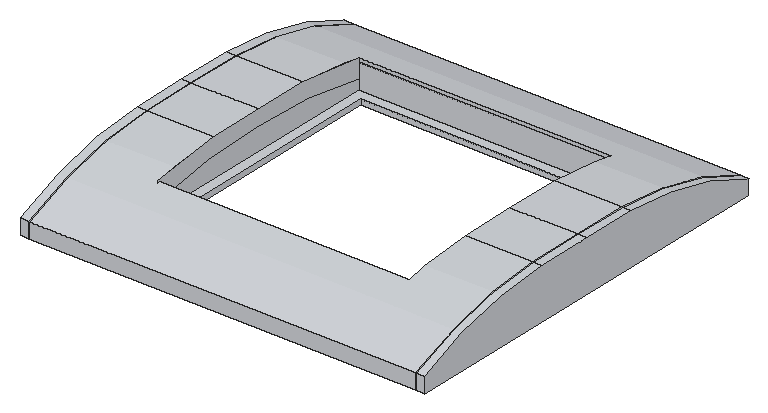
Revit family "Gira_021192", category Electrical Fixtures, host Face, Revit 2017
Family settings
  Host = Face
  Maintain Annotation Orientation = No
  Round Connector Dimension = Use Diameter
  Part Type = Normal
  Cut with Voids When Loaded = No
  Shared = No
  Room Calculation Point = No
Parameters (values of type "Cov.fr. 1-g interm.fr. CAl Gira Event Opaque red")
  With mounting grid = "No"
  With hinged lid = "No"
  URL = "http://katalog.gira.de/en/datenblatt.html?artikelnr=021192"
  Type of fastening = "Clamp mounting"
  Transparent = "No"
  Surface protection = "Other"
  Suitable for wall duct = "No"
  Suitable for flush-mounted installation = "Yes"
  Suitable for floor box = "No"
  Suitable for built-in installation = "No"
  Number of units vertical = "1"
  Number of units horizontal = "1"
  Number of units = "1"
  Name = "Cov.fr. 1-g interm.fr. CAl Gira Event Opaque red"
  Mounting direction = "Horizontal and vertical"
  Material quality = "Thermoplastic"
  Material = "Plastic"
  Manufacturer URL = "https://www.gira.de/"
  Manufacturer = "Gira"
  Label space/information surface = "No"
  Keynote = ""
  HeinzeBIM = "https://bimportal.heinze.de/bim/cov-fr-1-g-interm-fr-cal-gira-event-opaque-red/953ba05082d1d7a572c551c325bbe59664a031f9"
  Halogen free = "Yes"
  HAN = "021192"
  GTIN = "4010337211921"
  Description = "Cov.fr.1g i.fr.CAl EvOp RD,Gira Event Opaque frames,red with colour aluminium intermediate frame,1-gang,Features:,- Shatter-proof."
  Degree of protection (IP) = "IP20"
  Default Elevation = 1219.2 mm
  Data sheet (1) = "https://katalog.gira.de/en/download.html?artikelnr=021192"
  Colour = "Red"
  Category = "Cover frame for domestic switching devices"
  BIM (1) = "https://media.stage.bim.site/public/gira/36a6b08/Event_Rahmen_1fach.rfa"
  Available = "No"
Reference planes
  plane 1 "Center (Front/Back)": y = 0
  plane 2: z = 0
  plane 3 "Center (Left/Right)": x = 0
Forms (mm)
  Extrusion 1, solid, detail levels fine
    sketch origin (0, 0, 1.55) x (0, 1, 0) y (0, 0, 1)
      loop
        arc (12.445, 9.683) -> (6.223, 9.833) -> (0, 9.85) r 291.636
        arc (0, 9.85) -> (-6.223, 9.833) -> (-12.445, 9.683) r 291.636
        arc (-12.445, 9.683) -> (-29.14, 7.482) -> (-45, 1.823) r 79.728
        line (-45, 1.823) -> (-45, -1.55) -> (-41.777, -1.55) -> (-41.777, -0.55)
        arc (-41.777, -0.55) -> (-21.205, 4.846) -> (0, 6.467) r 118.15
        arc (0, 6.467) -> (21.205, 4.846) -> (41.777, -0.55) r 118.15
        line (41.777, -0.55) -> (41.777, -1.55) -> (45, -1.55) -> (45, 1.823)
        arc (45, 1.823) -> (29.14, 7.482) -> (12.445, 9.683) r 79.728
    from -43 to 43
  Extrusion 2, void, detail levels fine
    sketch origin (0, 0, 0) x (1, 0, 0) y (0, 1, 0)
      loop
        line (-28, -28) -> (28, -28) -> (28, 28) -> (-28, 28) -> (-28, -28)
    from 2.85 to 12
  Extrusion 3, solid, detail levels coarse
    sketch origin (0, 0, 0) x (1, 0, 0) y (0, 1, 0)
      loop
        line (-45, 45) -> (-45, -45) -> (45, -45) -> (45, 45) -> (-45, 45)
    from 0 to 11.4
  Extrusion 4, solid, detail levels medium
    sketch origin (0, 0, 1.55) x (0, 1, 0) y (0, 0, 1)
      loop
        arc (12.445, 9.683) -> (6.223, 9.833) -> (0, 9.85) r 291.636
        arc (0, 9.85) -> (-6.223, 9.833) -> (-12.445, 9.683) r 291.636
        arc (-12.445, 9.683) -> (-29.14, 7.482) -> (-45, 1.823) r 79.728
        line (-45, 1.823) -> (-45, -1.55) -> (45, -1.55) -> (45, 1.823)
        arc (45, 1.823) -> (29.14, 7.482) -> (12.445, 9.683) r 79.728
    from -45 to 45
  Extrusion 5, solid, detail levels fine
    sketch origin (0, 0, 0) x (0, 1, 0) y (0, 0, 1)
      loop
        arc (45, 3.373) -> (29.14, 9.032) -> (12.445, 11.233) r 79.728
        arc (12.445, 11.233) -> (6.223, 11.383) -> (0, 11.4) r 291.636
        arc (0, 11.4) -> (-6.223, 11.383) -> (-12.445, 11.233) r 291.636
        arc (-12.445, 11.233) -> (-29.14, 9.032) -> (-45, 3.373) r 79.728
        line (-45, 3.373) -> (-45, 0) -> (45, 0) -> (45, 3.373)
    from 43 to 45
  Extrusion 6, solid, detail levels fine
    sketch origin (0, 0, 0) x (0, 1, 0) y (0, 0, -1)
      loop
        line (45, -3.373) -> (45, 0) -> (-45, 0) -> (-45, -3.373)
        arc (-45, -3.373) -> (-29.14, -9.032) -> (-12.445, -11.233) r 79.728
        arc (-12.445, -11.233) -> (-6.223, -11.383) -> (0, -11.4) r 291.636
        arc (0, -11.4) -> (6.223, -11.383) -> (12.445, -11.233) r 291.636
        arc (12.445, -11.233) -> (29.14, -9.032) -> (45, -3.373) r 79.728
    from 43 to 45
  Extrusion 7, solid, detail levels fine
    sketch origin (0, 0, 0) x (1, 0, 0) y (0, 1, 0)
      loop
        line (-25.7, 25.7) -> (-25.7, -25.7) -> (25.7, -25.7) -> (25.7, 25.7) -> (-25.7, 25.7)
      loop
        line (-29.495, 27.895) -> (-29.495, -27.895)
        spline (-29.495, -27.895) -> (-29.486, -28.025) -> (-29.461, -28.154) -> (-29.419, -28.278) -> (-29.361, -28.395) -> (-29.288, -28.504) -> (-29.202, -28.602) -> (-29.104, -28.688) -> (-28.995, -28.761) -> (-28.878, -28.819) -> (-28.754, -28.861) -> (-28.625, -28.886) -> (-28.495, -28.895)
        line (-28.495, -28.895) -> (28.495, -28.895)
        spline (28.495, -28.895) -> (28.625, -28.886) -> (28.754, -28.861) -> (28.878, -28.819) -> (28.995, -28.761) -> (29.104, -28.688) -> (29.202, -28.602) -> (29.288, -28.504) -> (29.361, -28.395) -> (29.419, -28.278) -> (29.461, -28.154) -> (29.486, -28.025) -> (29.495, -27.895)
        line (29.495, -27.895) -> (29.495, 27.895)
        spline (29.495, 27.895) -> (29.486, 28.025) -> (29.461, 28.154) -> (29.419, 28.278) -> (29.361, 28.395) -> (29.288, 28.504) -> (29.202, 28.602) -> (29.104, 28.688) -> (28.995, 28.761) -> (28.878, 28.819) -> (28.754, 28.861) -> (28.625, 28.886) -> (28.495, 28.895)
        line (28.495, 28.895) -> (-28.495, 28.895)
        spline (-28.495, 28.895) -> (-28.625, 28.886) -> (-28.754, 28.861) -> (-28.878, 28.819) -> (-28.995, 28.761) -> (-29.104, 28.688) -> (-29.202, 28.602) -> (-29.288, 28.504) -> (-29.361, 28.395) -> (-29.419, 28.278) -> (-29.461, 28.154) -> (-29.486, 28.025) -> (-29.495, 27.895)
    from 1.673 to 8.5
Cuts and joins
  Extrusion 2 cuts Extrusion 1
  Extrusion 2 cuts Extrusion 7
Dimensions and locks
  aligned and locked: plane 2 to host face
  aligned and locked: level to host face
